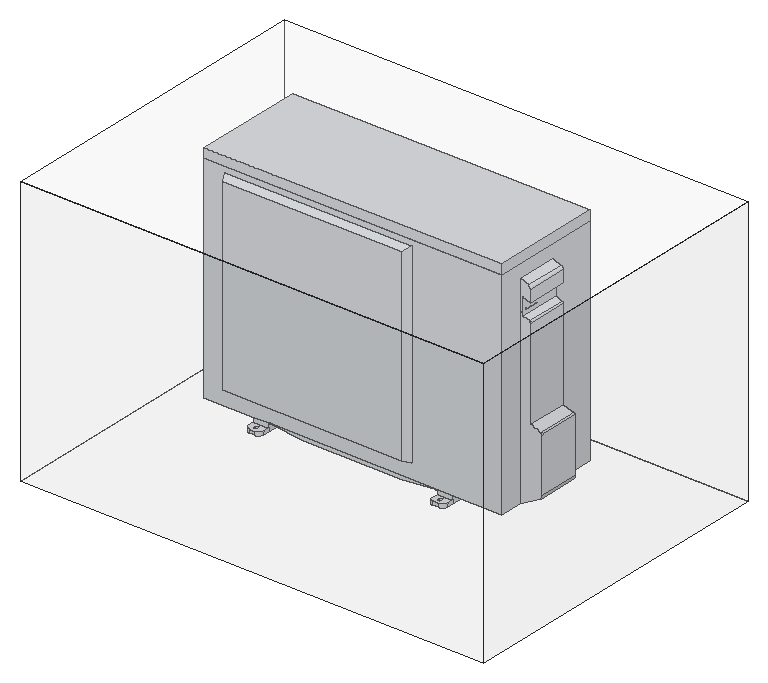
Revit family "puz-ermp40_63ska13_50hz", category 機械設備, Revit 2019
Family settings
  丸型コネクタ寸法 = 直径を使用
  パーツ タイプ = 標準
  OmniClass 番号 = 23.75.10.24.21.27.27
  OmniClass タイトル = Split System Air Conditioning Units
  作業面ベース = いいえ
  常に垂直 = はい
  ロード時にボイドで切り取り = いいえ
  共有 = いいえ
  部屋計算ポイント = いいえ
Parameters (values of type "室外機_PUZ-ERMP40KA13 (-BS,BSG)")
  音響パワーレベル（冷）(dB) = 64
  音響パワーレベル(dB) = 66
  電源種別 = ""
  電源位置Y = 61 mm
  電源位置Z = 497.7 mm
  電源位置X = 400 mm
  電圧 = 200 V
  電動機出力_送風機 = 0.04 kW
  電動機出力_圧縮機 = 0.6 kW
  集中コントローラ [instance] = ""
  運転質量 = 0.00 kg
  運転方法 = "冷暖切替"
  質量 = if(製品質量 > 運転質量, 製品質量, 運転質量) * 1.2  # 49.20 kg
  負荷分類 = 1_熱源類
  説明 = "空冷H/P PAC インバータ室外機"
  設計暖房能力 [instance] = 0 kW
  設計冷房能力_顕熱 [instance] = 0 kW
  設計冷房能力 [instance] = 0 kW
  設置方法 = "床置形"
  記号 [instance] = ""
  製造元 = "三菱電機株式会社"
  製品質量 = 41.00 kg
  製品出荷対象 = "国内"
  製品リリース年月 = ""
  製品グループ = ""
  系統 [instance] = ""
  符号 = "PAC"
  積算_科目 = "1 空気調和設備"
  積算_拾い区分 [instance] = ""
  相 = 3
  盤記号 [instance] = ""
  発停方法 = "付属スイッチ"
  特殊仕様 [instance] = ""
  消費電力_暖房 = 0 kW
  消費電力_冷房 = 0 kW
  消費電力 = if(消費電力_冷房 > 消費電力_暖房, 消費電力_冷房, 消費電力_暖房)  # 0 kW
  法定耐用年数 = "6"
  構成品番 = "PUZ-ERMP40KA13 (-BS,-BSG)"
  極数 = 3
  材質 [instance] = ""
  本体マテリアル = none
  最小電線太さ_mm2 = 1.6
  最大電流値 = 0 A
  暖房能力 = 4 kW
  推奨ブレーカー容量 = 15 A
  据付ピッチ1 = 0 mm
  形式 = "パッケージ形 室外機"
  形名 = PUZ-ZRMP-1 : PUZ-ZRMP-1
  幹線記号 [instance] = ""
  始動方式 = "インバータ始動方式"
  呼称 = "パッケージ形空気調和機_室外機"
  周波数 = 50 Hz
  価格 = 0
  ドレン　位置Z = 8.5 mm
  ドレン　位置Y = 48.5 mm
  ドレン　位置X = 404.5 mm
  アンカーボルト位置Y = 330 mm
  アンカーボルト位置X = 500 mm
  参照している仕様書等のバージョン = "公共建築物標準仕様書（機械設備工事編）平成31年度版"
  分類コード = "50053003126100"
  分類グループ = ""
  冷房能力 = 3.6 kW
  冷媒管（ガス）位置X = 420 mm
  冷媒管（液）位置X = 420 mm
  冷媒管（液）位置Y = 153.75 mm
  冷媒管（ガス）位置Y = 153.75 mm
  冷媒管長 [instance] = 0 mm
  冷媒管径符号 = "Ac"
  冷媒管径 = 60.00 mm
  冷媒管位置Z = 158.95 mm
  冷媒管位置Y = (冷媒管（液）位置Y + 冷媒管（ガス）位置Y) / 2  # 153.75 mm
  冷媒管位置X = (冷媒管（液）位置X + 冷媒管（ガス）位置X) / 2  # 420 mm
  冷媒液管径 = 6.35 mm
  冷媒ガス管径 = 12.70 mm
  企業コード = "108420"
  付属品 [instance] = ""
  仕様書バージョン = "Version1.0"
  ユニット数 = 1
  ユニット3 = yes
  ユニット2 = yes
  Model = ""
  ドレン管径 = 42.00 mm
  サービススペース = yes
  コメント [instance] = ""
  ケーブル種類1 = ""
  【値が 0 の項目は組合せ形名にてご確認ください】 = ""
  Width = 809 mm
  Version = ""
  Uniclass2015Version = "Systems v1.9"
  Uniclass2015Title = "Split coil remote air cooled condensing units"
  Uniclass2015Code = "Pr_70_65_03_84"
  URL = "https://www.mitsubishielectric.co.jp/ldg/wink/ssl/top.do"
  SpecificationReference = ""
  SpecificationDescription = ""
  Revision = ""
  ProductInformation = ""
  OmniClassCode = "23-33 17 13 11"
  IfcTypeProduct = ""
  IfcProduct = ""
  IfcExportType = "AIRCONDITIONINGUNIT"
  IfcExportAs = "IfcUnitaryEquipmentType"
  Height = 630 mm
  Depth = 300 mm
  Clearance Top = 100 mm
  Clearance Right = 350 mm
  Clearance Left = 100 mm
  Clearance Front = 500 mm
  Clearance Bottom = 0 mm
  Clearance Back = 100 mm
  COP = 0
  Author = "三菱電機株式会社"
  APF = 0
Reference planes
  plane 1 "中心(正面/背面)": y = 74
  plane 2: z = 0
  plane 3 "中心(左/右)": x = 830
  plane 4 "右": x = 1234.5
  plane 5 "左": x = 425.5
  plane 6 "背面": y = 224
  plane 7 "正面": y = -76
  plane 8 "上部": z = 630
  plane 9 "Clearanse Top": z = 730
  plane 10 "SS_back": y = 324
  plane 11 "SS_front": y = -576
  plane 12 "SS_left": x = 325.5
  plane 13 "SS_right": x = 1584.5
  plane 14: z = 0
  plane 15: y = -15
  plane 16: x = 1230
  plane 17: z = 497.7
  plane 18: y = -13
  plane 19: y = 70.25
  plane 20: x = 1250
  plane 21: y = 175.5
  plane 22: x = 830
  plane 23: z = 10.5
  plane 24: z = 8.5
  plane 25: x = 580
  plane 26: x = 1080
  plane 27: y = 239
  plane 28: y = -91
Forms (mm)
  Extrusion 1, solid, detail levels fine
    sketch origin (0, -76, 0) x (1, 0, 0) y (0, 0, 1)
      loop
        circle (1230, 497.7) r 13.5
    from -63 to -61
  Extrusion 2, solid, detail levels fine
    sketch origin (-1437.329, -1524, 54) x (-1, 0, 0) y (0, -1, 0)
      loop
        circle (-2267.329, -1699.5) r 21
    from -45.5 to -43.5
  Sweep 3, solid, material <- "本体マテリアル", detail levels fine
    path origin (1250, 1296.25, 1200) x (0, 1, 0) y (0, 0, 1)
      loop
        line (-1226, -1041.05) -> (-1272.623, -1084.565)
    profile origin (1250, 46.939, 137.193) x (0, 0.682318, -0.731055) y (1, 0, 0)
      loop
        circle (0, 0) r 30
Lines and regions (mm)
  model lines, not visible
    curve 1: line (460, 178.667, 1289.179) -> (460, 297.73, 1289.179)
    curve 2: line (460, 178.667, 1056.056) -> (460, 178.667, 1289.179)
    curve 3: line (460, 297.73, 1056.056) -> (460, 178.667, 1056.056)
    curve 4: line (460, 297.73, 1289.179) -> (460, 297.73, 1056.056)
    curve 5: line (460, 47.598, 1289.179) -> (460, 166.661, 1289.179)
    curve 6: line (460, 47.598, 1056.056) -> (460, 47.598, 1289.179)
    curve 7: line (460, 166.661, 1056.056) -> (460, 47.598, 1056.056)
    curve 8: line (460, 166.661, 1289.179) -> (460, 166.661, 1056.056)
    curve 9: line (460, -83.471, 1289.179) -> (460, 35.592, 1289.179)
    curve 10: line (460, -83.471, 1056.056) -> (460, -83.471, 1289.179)
    curve 11: line (460, 35.592, 1056.056) -> (460, -83.471, 1056.056)
    curve 12: line (460, 35.592, 1289.179) -> (460, 35.592, 1056.056)
    curve 13: line (460, -150.779, 1289.179) -> (460, -95.75, 1289.179)
    curve 14: line (460, -150.779, 1056.056) -> (460, -150.779, 1289.179)
    curve 15: line (460, -95.75, 1056.056) -> (460, -150.779, 1056.056)
    curve 16: line (460, -95.75, 1289.179) -> (460, -95.75, 1056.056)
    curve 17: line (460, -150.779, 1283.175) -> (460, -132.596, 1283.175)
    curve 18: line (460, -150.779, 1062.059) -> (460, -150.779, 1283.175)
    curve 19: line (460, -132.596, 1062.059) -> (460, -150.779, 1062.059)
    curve 20: line (460, -132.596, 1283.175) -> (460, -132.596, 1062.059)
    curve 21: line (460, 178.667, 1046.051) -> (460, 297.73, 1046.051)
    curve 22: line (460, 178.667, 812.928) -> (460, 178.667, 1046.051)
    curve 23: line (460, 297.73, 812.928) -> (460, 178.667, 812.928)
    curve 24: line (460, 297.73, 1046.051) -> (460, 297.73, 812.928)
    curve 25: line (460, 47.598, 1046.051) -> (460, 166.661, 1046.051)
    curve 26: line (460, 47.598, 812.928) -> (460, 47.598, 1046.051)
    curve 27: line (460, 166.661, 812.928) -> (460, 47.598, 812.928)
    curve 28: line (460, 166.661, 1046.051) -> (460, 166.661, 812.928)
    curve 29: line (460, -83.471, 1046.051) -> (460, 35.592, 1046.051)
    curve 30: line (460, -83.471, 812.928) -> (460, -83.471, 1046.051)
    curve 31: line (460, 35.592, 812.928) -> (460, -83.471, 812.928)
    curve 32: line (460, 35.592, 1046.051) -> (460, 35.592, 812.928)
    curve 33: line (460, -150.779, 1046.051) -> (460, -95.75, 1046.051)
    curve 34: line (460, -150.779, 812.928) -> (460, -150.779, 1046.051)
    curve 35: line (460, -95.75, 812.928) -> (460, -150.779, 812.928)
    curve 36: line (460, -95.75, 1046.051) -> (460, -95.75, 812.928)
    curve 37: line (460, -150.779, 1040.048) -> (460, -132.596, 1040.048)
    curve 38: line (460, -150.779, 818.931) -> (460, -150.779, 1040.048)
    curve 39: line (460, -132.596, 818.931) -> (460, -150.779, 818.931)
    curve 40: line (460, -132.596, 1040.048) -> (460, -132.596, 818.931)
    curve 41: line (460, 178.667, 802.923) -> (460, 297.73, 802.923)
    curve 42: line (460, 178.667, 569.8) -> (460, 178.667, 802.923)
    curve 43: line (460, 297.73, 569.8) -> (460, 178.667, 569.8)
    curve 44: line (460, 297.73, 802.923) -> (460, 297.73, 569.8)
    curve 45: line (460, 47.598, 802.923) -> (460, 166.661, 802.923)
    curve 46: line (460, 47.598, 569.8) -> (460, 47.598, 802.923)
    curve 47: line (460, 166.661, 569.8) -> (460, 47.598, 569.8)
    curve 48: line (460, 166.661, 802.923) -> (460, 166.661, 569.8)
    curve 49: line (460, -83.471, 802.923) -> (460, 35.592, 802.923)
    curve 50: line (460, -83.471, 569.8) -> (460, -83.471, 802.923)
    curve 51: line (460, 35.592, 569.8) -> (460, -83.471, 569.8)
    curve 52: line (460, 35.592, 802.923) -> (460, 35.592, 569.8)
    curve 53: line (460, -150.779, 802.923) -> (460, -95.75, 802.923)
    curve 54: line (460, -150.779, 569.8) -> (460, -150.779, 802.923)
    curve 55: line (460, -95.75, 569.8) -> (460, -150.779, 569.8)
    curve 56: line (460, -95.75, 802.923) -> (460, -95.75, 569.8)
    curve 57: line (460, -150.779, 796.92) -> (460, -132.596, 796.92)
    curve 58: line (460, -150.779, 575.803) -> (460, -150.779, 796.92)
    curve 59: line (460, -132.596, 575.803) -> (460, -150.779, 575.803)
    curve 60: line (460, -132.596, 796.92) -> (460, -132.596, 575.803)
    curve 61: line (460, 178.667, 559.795) -> (460, 297.73, 559.795)
    curve 62: line (460, 178.667, 326.672) -> (460, 178.667, 559.795)
    curve 63: line (460, 297.73, 326.672) -> (460, 178.667, 326.672)
    curve 64: line (460, 297.73, 559.795) -> (460, 297.73, 326.672)
    curve 65: line (460, 47.598, 559.795) -> (460, 166.661, 559.795)
    curve 66: line (460, 47.598, 326.672) -> (460, 47.598, 559.795)
    curve 67: line (460, 166.661, 326.672) -> (460, 47.598, 326.672)
    curve 68: line (460, 166.661, 559.795) -> (460, 166.661, 326.672)
    curve 69: line (460, -83.471, 559.795) -> (460, 35.592, 559.795)
    curve 70: line (460, -83.471, 326.672) -> (460, -83.471, 559.795)
    curve 71: line (460, 35.592, 326.672) -> (460, -83.471, 326.672)
    curve 72: line (460, 35.592, 559.795) -> (460, 35.592, 326.672)
    curve 73: line (460, -150.779, 559.795) -> (460, -95.75, 559.795)
    curve 74: line (460, -150.779, 326.672) -> (460, -150.779, 559.795)
    curve 75: line (460, -95.75, 326.672) -> (460, -150.779, 326.672)
    curve 76: line (460, -95.75, 559.795) -> (460, -95.75, 326.672)
    curve 77: line (460, -150.779, 553.792) -> (460, -132.596, 553.792)
    curve 78: line (460, -150.779, 332.675) -> (460, -150.779, 553.792)
    curve 79: line (460, -132.596, 332.675) -> (460, -150.779, 332.675)
    curve 80: line (460, -132.596, 553.792) -> (460, -132.596, 332.675)
    curve 81: line (460, 178.667, 316.667) -> (460, 297.73, 316.667)
    curve 82: line (460, 178.667, 83.544) -> (460, 178.667, 316.667)
    curve 83: line (460, 297.73, 83.544) -> (460, 178.667, 83.544)
    curve 84: line (460, 297.73, 316.667) -> (460, 297.73, 83.544)
    curve 85: line (460, 47.598, 316.667) -> (460, 166.661, 316.667)
    curve 86: line (460, 47.598, 83.544) -> (460, 47.598, 316.667)
    curve 87: line (460, 166.661, 83.544) -> (460, 47.598, 83.544)
    curve 88: line (460, 166.661, 316.667) -> (460, 166.661, 83.544)
    curve 89: line (460, -83.471, 316.667) -> (460, 35.592, 316.667)
    curve 90: line (460, -83.471, 83.544) -> (460, -83.471, 316.667)
    curve 91: line (460, 35.592, 83.544) -> (460, -83.471, 83.544)
    curve 92: line (460, 35.592, 316.667) -> (460, 35.592, 83.544)
    curve 93: line (460, -150.779, 316.667) -> (460, -95.75, 316.667)
    curve 94: line (460, -150.779, 83.544) -> (460, -150.779, 316.667)
    curve 95: line (460, -95.75, 83.544) -> (460, -150.779, 83.544)
    curve 96: line (460, -95.75, 316.667) -> (460, -95.75, 83.544)
    curve 97: line (460, -150.779, 310.664) -> (460, -132.596, 310.664)
    curve 98: line (460, -150.779, 89.547) -> (460, -150.779, 310.664)
    curve 99: line (460, -132.596, 89.547) -> (460, -150.779, 89.547)
    curve 100: line (460, -132.596, 310.664) -> (460, -132.596, 89.547)
Dimensions and locks
  equal spacing: plane 7 "正面", plane 1 "中心(正面/背面)", plane 6 "背面"
  "Depth": plane 7 "正面" to plane 6 "背面"
  "Width": plane 5 "左" to plane 4 "右"
  equal spacing: plane 5 "左", plane 3 "中心(左/右)", plane 4 "右"
  "Clearance Left": plane 12 "SS_left" to plane 5 "左"
  "Clearance Right": plane 4 "右" to plane 13 "SS_right"
  "Clearance Back": plane 6 "背面" to plane 10 "SS_back"
  "Clearance Front": plane 11 "SS_front" to plane 7 "正面"
  "Height": plane 8 "上部" to level
  "Clearance Top": plane 9 "Clearanse Top" to plane 8 "上部"
  "Clearance Bottom": level to plane 14
  "電源位置X": plane 3 "中心(左/右)" to plane 16
  "電源位置Y": plane 7 "正面" to plane 15
  "電源位置Z": plane 17 to level
  locked: plane 15 to plane 18 at 2
  "冷媒管位置X": plane 3 "中心(左/右)" to plane 20
  "冷媒管位置Y": plane 19 to plane 6 "背面"
  "ドレン　位置X": plane 5 "左" to plane 22
  "ドレン　位置Y": plane 21 to plane 6 "背面"
  locked: plane 23 to plane 24 at 2
  "ドレン　位置Z": plane 24 to level
  equal spacing: plane 28, plane 1 "中心(正面/背面)", plane 27
  "アンカーボルト位置Y": plane 28 to plane 27
  equal spacing: plane 25, plane 3 "中心(左/右)", plane 26
  "アンカーボルト位置X": plane 25 to plane 26
  radius of Extrusion 1 sketch curve = 13.5 mm
  "ドレン管径": diameter of Extrusion 2 sketch curve
  "冷媒管径": diameter of Sweep 3 sketch curve
  aligned and locked: level to plane 2
  aligned and locked: plane 10 "SS_back" to nested 1  (x2)
  aligned and locked: plane 13 "SS_right" to nested 1
  aligned and locked: plane 12 "SS_left" to nested 1  (x2)
  aligned and locked: nested 1 to plane 13 "SS_right"
  aligned and locked: plane 11 "SS_front" to nested 1
  aligned and locked: plane 9 "Clearanse Top" to nested 1
  aligned and locked: plane 1 "中心(正面/背面)" to nested 2
  aligned and locked: plane 3 "中心(左/右)" to nested 2
  aligned and locked: plane 14 to nested 1
  aligned and locked: plane 17 to Extrusion 1 sketch curve
  aligned and locked: plane 16 to Extrusion 1 sketch curve
  aligned and locked: Extrusion 1 to plane 18
  aligned and locked: plane 15 to Extrusion 1
  aligned and locked: plane 22 to Extrusion 2 sketch curve
  aligned and locked: plane 21 to Extrusion 2 sketch curve
  aligned and locked: plane 23 to Extrusion 2
  aligned and locked: Extrusion 2 to plane 24
  aligned and locked: plane 25 to nested 3
  aligned and locked: plane 27 to nested 3
Automatic sketch dimensions
  Sweep 3 sketch curve to plane 18 = 36.627 mm
  plane 1 "中心(正面/背面)" to Sweep 3 sketch curve = 3.75 mm
  plane 23 to Sweep 3 sketch curve = 104.935 mm
  Sweep 3 sketch curve to Sweep 3 sketch curve = 43.515 mm
  Sweep 3 sketch curve to plane 20 = 0 mm
  Sweep 3 sketch curve to profile plane = 0 mm
Nested families
  nested 1: "サービススペース" at (955, -126, 365), visible <- "サービススペース", type "サービススペース"
    with Width 1259 mm, Height 730 mm, Depth 900 mm
  nested 2: "PUZ-ZRMP-1" at (830, 74, 0), type <- "形名", type "PUZ-ZRMP-1"
  nested 3: "固定点" at (580, -91, 0), type "固定点"
    with 中心円 10 mm, W 500 mm, D 330 mm
Connectors
  electrical at (1230, -15, 497.7), driven by "極数", driven by "負荷分類", driven by "電圧", driven by "消費電力"
    settings: on Extrusion 1, index 2, voltage 200 V, apparent load 0 VA, apparent load phase1 0 VA, apparent load phase2 0 VA, apparent load phase3 0 VA, power factor 1, load classification "1_熱源類", number of poles 3, system type 30, power factor state 1, is connector primary yes, connector utility no, sub classification motor no, connector description ""
  piping at (1250, 70.25, 158.95), diameter 60, driven by "冷媒管径", driven by "冷媒管径符号"
    settings: on Sweep 3, index 3, connector inside diameter 609.60 mm, connector length 0 mm, flow factor 0, pipe flow 0.0 L/s, pressure drop 0.0 Pa, fitting loss kfactor 0, connector angle 0.00°, fixture units 0, engagement length 0 mm, angle of deflection 0.00°, flow configuration 1, flow direction 2, fitting loss method 4, system type 7, joint type 0, gender type 0, connector reference index -1, connector utility 0, adjustable connector no, is connector primary yes, connector description "Ac"
Definition of nested family "サービススペース"
  Parameters (values of type "サービススペース")
    Width [instance] = 500 mm
    Height [instance] = 500 mm
    Depth [instance] = 500 mm
  Reference planes
    plane 1 "中心(正面/背面)": y = 0
    plane 2: z = 0
    plane 3 "中心(左/右)": x = 0
    plane 4: y = -250
    plane 5: x = 250
    plane 6: y = 250
    plane 7: x = -250
    plane 8: z = 250
    plane 9: z = -250
  Forms (mm)
    Extrusion 1, solid
      sketch origin (-638.939, 0, 72.39) x (1, 0, 0) y (0, 1, 0)
        loop
          line (388.939, 250) -> (388.939, -250) -> (888.939, -250) -> (888.939, 250) -> (388.939, 250)
      from -322.39 to 177.61
  Lines and regions (mm)
    symbolic lines
      curve 1: line (-250, 0, 250) -> (250, 0, 250)
      curve 2: line (-250, 0, -250) -> (-250, 0, 250)
      curve 3: line (250, 0, -250) -> (-250, 0, -250)
      curve 4: line (250, 0, 250) -> (250, 0, -250)
      curve 5: line (0, -250, 250) -> (0, 250, 250)
      curve 6: line (0, -250, -250) -> (0, -250, 250)
      curve 7: line (0, 250, -250) -> (0, -250, -250)
      curve 8: line (0, 250, 250) -> (0, 250, -250)
      curve 9: line (-250, 250, 0) -> (250, 250, 0)
      curve 10: line (-250, -250, 0) -> (-250, 250, 0)
      curve 11: line (250, -250, 0) -> (-250, -250, 0)
      curve 12: line (250, 250, 0) -> (250, -250, 0)
  Dimensions and locks
    equal spacing: plane 7, plane 3 "中心(左/右)", plane 5
    equal spacing: plane 4, plane 1 "中心(正面/背面)", plane 6
    "Depth": plane 4 to plane 6
    "Width": plane 7 to plane 5
    equal spacing: plane 8, plane 2, plane 9
    "Height": plane 8 to plane 9
    aligned and locked: plane 9 to curve 3
    aligned and locked: plane 7 to curve 2
    aligned and locked: curve 4 to plane 5
    aligned and locked: plane 5 to Extrusion 1
    aligned and locked: Extrusion 1 to plane 7
    aligned and locked: Extrusion 1 to plane 9
    aligned and locked: plane 8 to Extrusion 1
    aligned and locked: plane 9 to curve 7
  Automatic sketch dimensions
    plane 4 to Extrusion 1 sketch curve = 0 mm
    Extrusion 1 sketch curve to plane 7 = 0 mm
    Extrusion 1 sketch curve to plane 5 = 0 mm
    plane 6 to Extrusion 1 sketch curve = 0 mm
    curve 2 to plane 8 = 0 mm
    plane 4 to curve 11 = 0 mm
    curve 11 to plane 7 = 0 mm
    curve 11 to plane 5 = 0 mm
    plane 6 to curve 10 = 0 mm
    curve 7 to plane 4 = 0 mm
    curve 7 to plane 6 = 0 mm
    curve 6 to plane 8 = 0 mm
Definition of nested family "PUZ-ZRMP-1"
  Parameters (values of type "PUZ-ZRMP-1")
    配線取出口サイズ = 27 mm
    配線取出口-Z = 497.7 mm
    配線取出口-Y = 239 mm
    配線取出口-X = 400 mm
    液配管サイズ = 50 mm
    高さ = 630 mm
    換気-W = 310 mm
    換気-H2 = 632 mm
    換気-H1 = 325 mm
    換気-D = 20 mm
    奥行き = 300 mm
    吊りボルト_H = 0 mm
    吊りボルト-φ = 10 mm
    冷媒配管サイズ = 6.35 mm
    冷媒液管径-Z = 164.5 mm
    冷媒液管径-Y = 185.5 mm
    冷媒液管径-X = 420 mm
    冷媒ガス管径-Z = 99.5 mm
    冷媒ガス管径-Y = 185.5 mm
    冷媒ガス管径-X = 420 mm
    吊りボルト-W = 500 mm
    マテリアル = none
    ドレン配管サイズ = 42 mm
    ドレン管径-Z = 0 mm
    ドレン管径-Y = 251.5 mm
    ドレン管径-X = 404.5 mm
    タイプ3 = no
    タイプ2 = no
    タイプ1 = yes
    ガス配管サイズ = 12.7 mm
    吊りボルト-D = 330 mm
    幅さ = 809 mm
    a = 600 mm
  Reference planes
    plane 1 "中心(正面/背面)": y = 0
    plane 2: z = 0
    plane 3 "中心(左/右)": x = 0
    plane 4: z = 630
    plane 5: x = -404.5
    plane 6: x = 404.5
    plane 7: y = 150
    plane 8: y = -150
    plane 9: x = 466.5
    plane 10: y = -90
    plane 11: y = 20
    plane 12: z = 605
    plane 13: x = -424.5
    plane 14: x = -250
    plane 15: x = 250
    plane 16: y = 165
    plane 17: y = -165
    plane 18: x = 270
    plane 19: x = 230
    plane 20: x = -230
    plane 21: x = -270
    plane 22: y = 180
    plane 23: y = -180
    plane 24: z = 8.5
    plane 25: z = 20
    plane 26: z = 11.5
    plane 27: x = -135
    plane 28: x = 135
    plane 29: z = 625
    plane 30: y = -40
    plane 31: y = 40
    plane 32: y = -30
    plane 33: y = 30
    plane 34: z = 610
    plane 35: z = 55
    plane 36: z = 225
    plane 37: z = 570
    plane 38: x = 414.5
    plane 39: x = 435.5
    plane 40: y = -170
    plane 41: x = -94.5
    plane 42: z = 325
    plane 43: x = 159.5
    plane 44: x = -348.5
    plane 45: z = 589
    plane 46: z = 61
    plane 47: x = -338.5
    plane 48: x = 149.5
    plane 49: z = 579
    plane 50: z = 71
    plane 51: y = 100
    plane 52: y = -100
    plane 53: x = 0
    plane 54: y = 101.5
    plane 55: x = 420
    plane 56: x = 400
    plane 57: y = -89
    plane 58: y = -35.5
    plane 59: y = -35.5
    plane 60: x = 420
    plane 61: z = 99.5
    plane 62: z = 164.5
    plane 63: z = 497.7
    plane 64: y = -39
    plane 65: z = 137.3
    plane 66: z = 180.6
    plane 67: x = 420
    plane 68: y = -35.5
    plane 69 "グループ": x = -600
    plane 70: z = 1338
    plane 71: z = 943
    plane 72: z = 957
    plane 73: z = 1221
    plane 74: z = 693
    plane 75: z = 1211
    plane 76: z = 703
    plane 77: y = -12.5
    plane 78: y = 5
    plane 79: y = -3.75
  Forms (mm)
    Extrusion 1, solid, visible <- "タイプ1", detail levels fine
      sketch origin (-1437.329, -1524, 630) x (-1, 0, 0) y (0, -1, 0)
        loop
          line (-1167.329, -1674) -> (-1167.329, -1374) -> (-1207.329, -1374) -> (-1207.329, -1674) -> (-1167.329, -1674)
        loop
          line (-1667.329, -1674) -> (-1667.329, -1374) -> (-1707.329, -1374) -> (-1707.329, -1674) -> (-1667.329, -1674)
      from -630 to -610
    Extrusion 2, solid, material <- "マテリアル", visible <- "タイプ1", detail levels fine
      sketch origin (0, 0, 0) x (1, 0, 0) y (0, 0, 1)
        loop
          line (-230, 20) -> (-135, 11.5) -> (135, 11.5) -> (230, 20) -> (-230, 20)
      from -150 to 150
    Extrusion 3, solid, material <- "マテリアル", visible <- "タイプ1", detail levels fine
      sketch origin (-1437.329, -1524, 630) x (-1, 0, 0) y (0, -1, 0)
        loop
          circle (-1437.329, -1625.5) r 21
      from -621.5 to -618.5
    Extrusion 4, solid, material <- "マテリアル", visible <- "タイプ1", detail levels fine
      sketch origin (-1437.329, -1524, 630) x (-1, 0, 0) y (0, -1, 0)
        loop
          line (-1841.829, -1674) -> (-1032.829, -1674) -> (-1032.829, -1374) -> (-1841.829, -1374) -> (-1841.829, -1674)
      from -610 to -25
    Extrusion 5, solid, material <- "マテリアル", visible <- "タイプ1", detail levels fine
      sketch origin (-1437.329, -1524, 630) x (-1, 0, 0) y (0, -1, 0)
        loop
          line (-1032.829, -1674) -> (-1032.829, -1374) -> (-1841.829, -1374) -> (-1841.829, -1674) -> (-1032.829, -1674)
      from -25 to 0
    Blend 6, solid, material <- "マテリアル", visible <- "タイプ1", detail levels fine
      base sketch origin (0, 0, 0) x (0, 1, 0) y (0, 0, 1)
        loop
          line (40, 625) -> (-40, 625) -> (-40, 605) -> (40, 605) -> (40, 625)
      top sketch origin (0, 0, 0) x (0, 1, 0) y (0, 0, 1)
        loop
          line (30, 610) -> (-30, 610) -> (-30, 605) -> (30, 605) -> (30, 610)
      from -404.5 to -424.5
    Extrusion 7, solid, material <- "マテリアル", visible <- "タイプ1", detail levels fine
      sketch origin (0, 0, 0) x (1, 0, 0) y (0, 0, 1)
        loop
          line (404.5, 570) -> (404.5, 20) -> (461.416, 52.13)
          arc (461.416, 52.13) -> (465.136, 55.796) -> (466.5, 60.838) r 10
          line (466.5, 60.838) -> (466.5, 210.216)
          arc (466.5, 210.216) -> (465.596, 213.084) -> (463.21, 214.914) r 5
          line (463.21, 214.914) -> (435.5, 225) -> (435.5, 470.082)
          arc (435.5, 470.082) -> (434.596, 472.95) -> (432.21, 474.78) r 5
          line (432.21, 474.78) -> (414.5, 481.226) -> (414.5, 529.114) -> (435.5, 521.471) -> (435.5, 551.715)
          arc (435.5, 551.715) -> (433.692, 557.451) -> (428.92, 561.112) r 10
          line (428.92, 561.112) -> (404.5, 570)
      from -20 to 90
    Blend 8, solid, material <- "マテリアル", visible <- "タイプ1", detail levels fine
      base sketch origin (0, 0, 0) x (1, 0, 0) y (0, 0, 1)
        loop
          line (-348.5, 589) -> (-348.5, 61) -> (159.5, 61) -> (159.5, 589) -> (-348.5, 589)
      top sketch origin (0, 0, 0) x (1, 0, 0) y (0, 0, 1)
        loop
          line (-338.5, 579) -> (-338.5, 71) -> (149.5, 71) -> (149.5, 579) -> (-338.5, 579)
      from 150 to 170
    Extrusion 9, solid, material <- "マテリアル", visible <- "タイプ1", detail levels fine
      sketch origin (1480.036, -170, 1200) x (1, 0, 0) y (0, 0, 1)
        loop
          circle (-1080.036, -702.3) r 13.5
      from -131 to -81
    Extrusion 10, solid, visible <- "タイプ1", detail levels fine
      sketch origin (-1437.329, -1524, 630) x (-1, 0, 0) y (0, -1, 0)
        loop
          line (-1167.329, -1704) -> (-1167.329, -1674) -> (-1207.329, -1674) -> (-1207.329, -1704) -> (-1192.329, -1704) -> (-1192.329, -1689)
          arc (-1192.329, -1689) -> (-1187.329, -1684) -> (-1182.329, -1689) r 5
          line (-1182.329, -1689) -> (-1182.329, -1704) -> (-1167.329, -1704)
        loop
          line (-1667.329, -1704) -> (-1667.329, -1674) -> (-1707.329, -1674) -> (-1707.329, -1704) -> (-1692.329, -1704) -> (-1692.329, -1689)
          arc (-1692.329, -1689) -> (-1687.329, -1684) -> (-1682.329, -1689) r 5
          line (-1682.329, -1689) -> (-1682.329, -1704) -> (-1667.329, -1704)
        loop
          line (-1667.329, -1374) -> (-1667.329, -1354)
          arc (-1667.329, -1354) -> (-1670.258, -1346.929) -> (-1677.329, -1344) r 10
          line (-1677.329, -1344) -> (-1694.129, -1344)
          arc (-1694.129, -1344) -> (-1703.463, -1347.866) -> (-1707.329, -1357.2) r 13.2
          line (-1707.329, -1357.2) -> (-1707.329, -1374) -> (-1667.329, -1374)
        loop
          line (-1167.329, -1374) -> (-1167.329, -1357.2)
          arc (-1167.329, -1357.2) -> (-1171.196, -1347.866) -> (-1180.529, -1344) r 13.2
          line (-1180.529, -1344) -> (-1194.129, -1344)
          arc (-1194.129, -1344) -> (-1203.463, -1347.866) -> (-1207.329, -1357.2) r 13.2
          line (-1207.329, -1357.2) -> (-1207.329, -1374) -> (-1167.329, -1374)
        loop
          arc (-1192.329, -1359) -> (-1187.329, -1364) -> (-1182.329, -1359) r 5
          line (-1182.329, -1359) -> (-1182.329, -1357.2)
          arc (-1182.329, -1357.2) -> (-1187.329, -1352.2) -> (-1192.329, -1357.2) r 5
          line (-1192.329, -1357.2) -> (-1192.329, -1359)
        loop
          arc (-1692.329, -1359) -> (-1687.329, -1364) -> (-1682.329, -1359) r 5
          line (-1682.329, -1359) -> (-1682.329, -1357.2)
          arc (-1682.329, -1357.2) -> (-1687.329, -1352.2) -> (-1692.329, -1357.2) r 5
          line (-1692.329, -1357.2) -> (-1692.329, -1359)
      from -621.5 to -630
    Sweep 11, solid, material <- "マテリアル", visible <- "タイプ1", detail levels fine
      path origin (420, 1296.25, 1200) x (0, 1, 0) y (0, 0, 1)
        loop
          line (-1331.75, -1035.5) -> (-1308.75, -1019.4)
      profile origin (420, -24, 172.55) x (0, -0.573462, 0.819232) y (1, 0, 0)
        loop
          circle (0, 0) r 3.175
    Sweep 12, solid, material <- "マテリアル", visible <- "タイプ1", detail levels fine
      path origin (420, 1296.25, 1200) x (0, 1, 0) y (0, 0, 1)
        loop
          line (-1331.75, -1100.5) -> (-1291.25, -1062.7)
      profile origin (420, -15.25, 118.4) x (0, -0.682318, 0.731055) y (1, 0, 0)
        loop
          circle (0, 0) r 6.35
  Lines and regions (mm)
    Masking region 1, visible <- "タイプ1", detail levels coarse+medium
      outline origin (-1437.329, -1524, 630) x (-1, 0, 0) y (0, -1, 0)
        loop
          line (-1841.829, -1674) -> (-1707.329, -1674) -> (-1707.329, -1704) -> (-1667.329, -1704) -> (-1667.329, -1674) -> (-1207.329, -1674) -> (-1207.329, -1704) -> (-1167.329, -1704) -> (-1167.329, -1674) -> (-1032.829, -1674) -> (-1032.829, -1564) -> (-1012.829, -1554) -> (-1012.829, -1494) -> (-1032.829, -1484) -> (-1032.829, -1374) -> (-1088.829, -1374) -> (-1098.829, -1354) -> (-1164.523, -1354)
          arc (-1164.523, -1354) -> (-1169.205, -1346.796) -> (-1177.329, -1344) r 13.2
          line (-1177.329, -1344) -> (-1193.997, -1344)
          arc (-1193.997, -1344) -> (-1202.121, -1346.796) -> (-1206.804, -1354) r 13.2
          line (-1206.804, -1354) -> (-1586.829, -1354) -> (-1596.829, -1374) -> (-1667.329, -1374) -> (-1667.329, -1354)
          arc (-1667.329, -1354) -> (-1670.258, -1346.929) -> (-1677.329, -1344) r 10
          line (-1677.329, -1344) -> (-1694.129, -1344)
          arc (-1694.129, -1344) -> (-1703.463, -1347.866) -> (-1707.329, -1357.2) r 13.2
          line (-1707.329, -1357.2) -> (-1707.329, -1374) -> (-1841.829, -1374) -> (-1841.829, -1434) -> (-1903.829, -1434) -> (-1903.829, -1544) -> (-1841.829, -1544) -> (-1841.829, -1674)
    model lines, visible <- "タイプ1", detail levels fine
      curve 1: line (324.5, 100, 630) -> (-324.5, 100, 630)
      curve 2: line (-324.5, -100, 630) -> (324.5, -100, 630)
      curve 3: line (-324.5, -40, 630) -> (324.5, -40, 630)
      curve 4: line (324.5, 40, 630) -> (-324.5, 40, 630)
      curve 5: line (-324.5, -30, 630) -> (324.5, -30, 630)
      curve 6: line (324.5, 30, 630) -> (-324.5, 30, 630)
      curve 7: line (-324.5, 100, 630) -> (-324.5, 40, 630)
      curve 8: line (324.5, -100, 630) -> (324.5, -40, 630)
      curve 9: line (-324.5, 30, 630) -> (-324.5, -30, 630)
      curve 10: line (-324.5, -40, 630) -> (-324.5, -100, 630)
      curve 11: line (324.5, -30, 630) -> (324.5, 30, 630)
      curve 12: line (324.5, 40, 630) -> (324.5, 100, 630)
      curve 13: line (354.5, -100, 630) -> (354.5, 100, 630)
      curve 14: line (339.5, -100, 630) -> (339.5, 100, 630)
      curve 15: line (-354.5, 100, 630) -> (-354.5, -100, 630)
      curve 16: line (-339.5, 100, 630) -> (-339.5, -100, 630)
      curve 17: line (-339.5, 100, 630) -> (-354.5, 100, 630)
      curve 18: line (-339.5, -100, 630) -> (-354.5, -100, 630)
      curve 19: line (339.5, 100, 630) -> (354.5, 100, 630)
      curve 20: line (339.5, -100, 630) -> (354.5, -100, 630)
      curve 21: line (-338.5, -170, 372.5) -> (149.5, -170, 372.5)
      curve 22: line (149.5, -170, 277.5) -> (-338.5, -170, 277.5)
      curve 23: line (-338.5, -170, 467.5) -> (149.5, -170, 467.5)
      curve 24: line (-338.5, -170, 562.5) -> (149.5, -170, 562.5)
      curve 25: line (149.5, -170, 182.5) -> (-338.5, -170, 182.5)
      curve 26: line (149.5, -170, 87.5) -> (-338.5, -170, 87.5)
      curve 27: line (-321.071, -170, 579) -> (-321.071, -170, 71)
      curve 28: line (132.071, -170, 71) -> (132.071, -170, 579)
      curve 29: line (-303.643, -170, 579) -> (-303.643, -170, 71)
      curve 30: line (-286.214, -170, 579) -> (-286.214, -170, 71)
      curve 31: line (-268.786, -170, 579) -> (-268.786, -170, 71)
      curve 32: line (-251.357, -170, 579) -> (-251.357, -170, 71)
      curve 33: line (-233.929, -170, 579) -> (-233.929, -170, 71)
      curve 34: line (-216.5, -170, 579) -> (-216.5, -170, 71)
      curve 35: line (-199.071, -170, 579) -> (-199.071, -170, 71)
      curve 36: line (-181.643, -170, 579) -> (-181.643, -170, 71)
      curve 37: line (-164.214, -170, 579) -> (-164.214, -170, 71)
      curve 38: line (-146.786, -170, 579) -> (-146.786, -170, 71)
      curve 39: line (-129.357, -170, 579) -> (-129.357, -170, 71)
      curve 40: line (-111.929, -170, 579) -> (-111.929, -170, 71)
      curve 41: line (-94.5, -170, 579) -> (-94.5, -170, 71)
      curve 42: line (-77.071, -170, 579) -> (-77.071, -170, 71)
      curve 43: line (-59.643, -170, 579) -> (-59.643, -170, 71)
      curve 44: line (-42.214, -170, 579) -> (-42.214, -170, 71)
      curve 45: line (-24.786, -170, 579) -> (-24.786, -170, 71)
      curve 46: line (-7.357, -170, 579) -> (-7.357, -170, 71)
      curve 47: line (10.071, -170, 579) -> (10.071, -170, 71)
      curve 48: line (27.5, -170, 579) -> (27.5, -170, 71)
      curve 49: line (44.929, -170, 579) -> (44.929, -170, 71)
      curve 50: line (62.357, -170, 579) -> (62.357, -170, 71)
      curve 51: line (79.786, -170, 579) -> (79.786, -170, 71)
      curve 52: line (97.214, -170, 579) -> (97.214, -170, 71)
      curve 53: line (114.643, -170, 579) -> (114.643, -170, 71)
      curve 54: line (-404.5, -10, 574) -> (-404.5, -10, 584)
      curve 55: line (-404.5, -100, 584) -> (-404.5, -100, 574)
      curve 56: line (-404.5, 100, 584) -> (-404.5, 100, 574)
      curve 57: line (-404.5, 10, 584) -> (-404.5, 10, 574)
      curve 58: line (-404.5, 95, 589) -> (-404.5, 15, 589)
      curve 59: line (-404.5, -15, 589) -> (-404.5, -95, 589)
      curve 60: line (-404.5, -15, 569) -> (-404.5, -95, 569)
      curve 61: line (-404.5, 95, 569) -> (-404.5, 15, 569)
      curve 62: arc (-404.5, 100, 584) -> (-404.5, 98.536, 587.536) -> (-404.5, 95, 589) r 5
      curve 63: arc (-404.5, 95, 569) -> (-404.5, 98.536, 570.464) -> (-404.5, 100, 574) r 5
      curve 64: arc (-404.5, 10, 584) -> (-404.5, 11.464, 587.536) -> (-404.5, 15, 589) r 5
      curve 65: arc (-404.5, 10, 574) -> (-404.5, 11.464, 570.464) -> (-404.5, 15, 569) r 5
      curve 66: arc (-404.5, -10, 584) -> (-404.5, -11.464, 587.536) -> (-404.5, -15, 589) r 5
      curve 67: arc (-404.5, -15, 569) -> (-404.5, -11.464, 570.464) -> (-404.5, -10, 574) r 5
      curve 68: arc (-404.5, -95, 589) -> (-404.5, -98.536, 587.536) -> (-404.5, -100, 584) r 5
      curve 69: arc (-404.5, -100, 574) -> (-404.5, -98.536, 570.464) -> (-404.5, -95, 569) r 5
      curve 70: line (-404.5, -10, 544) -> (-404.5, -10, 554)
      curve 71: line (-404.5, -100, 554) -> (-404.5, -100, 544)
      curve 72: line (-404.5, 100, 554) -> (-404.5, 100, 544)
      curve 73: line (-404.5, 10, 554) -> (-404.5, 10, 544)
      curve 74: line (-404.5, 95, 559) -> (-404.5, 15, 559)
      curve 75: line (-404.5, -15, 559) -> (-404.5, -95, 559)
      curve 76: line (-404.5, -15, 539) -> (-404.5, -95, 539)
      curve 77: line (-404.5, 95, 539) -> (-404.5, 15, 539)
      curve 78: arc (-404.5, 100, 554) -> (-404.5, 98.536, 557.536) -> (-404.5, 95, 559) r 5
      curve 79: arc (-404.5, 95, 539) -> (-404.5, 98.536, 540.464) -> (-404.5, 100, 544) r 5
      curve 80: arc (-404.5, 10, 554) -> (-404.5, 11.464, 557.536) -> (-404.5, 15, 559) r 5
      curve 81: arc (-404.5, 10, 544) -> (-404.5, 11.464, 540.464) -> (-404.5, 15, 539) r 5
      curve 82: arc (-404.5, -10, 554) -> (-404.5, -11.464, 557.536) -> (-404.5, -15, 559) r 5
      curve 83: arc (-404.5, -15, 539) -> (-404.5, -11.464, 540.464) -> (-404.5, -10, 544) r 5
      curve 84: arc (-404.5, -95, 559) -> (-404.5, -98.536, 557.536) -> (-404.5, -100, 554) r 5
      curve 85: arc (-404.5, -100, 544) -> (-404.5, -98.536, 540.464) -> (-404.5, -95, 539) r 5
      curve 86: line (-404.5, -10, 514) -> (-404.5, -10, 524)
      curve 87: line (-404.5, -100, 524) -> (-404.5, -100, 514)
      curve 88: line (-404.5, 100, 524) -> (-404.5, 100, 514)
      curve 89: line (-404.5, 10, 524) -> (-404.5, 10, 514)
      curve 90: line (-404.5, 95, 529) -> (-404.5, 15, 529)
      curve 91: line (-404.5, -15, 529) -> (-404.5, -95, 529)
      curve 92: line (-404.5, -15, 509) -> (-404.5, -95, 509)
      curve 93: line (-404.5, 95, 509) -> (-404.5, 15, 509)
      curve 94: arc (-404.5, 100, 524) -> (-404.5, 98.536, 527.536) -> (-404.5, 95, 529) r 5
      curve 95: arc (-404.5, 95, 509) -> (-404.5, 98.536, 510.464) -> (-404.5, 100, 514) r 5
      curve 96: arc (-404.5, 10, 524) -> (-404.5, 11.464, 527.536) -> (-404.5, 15, 529) r 5
      curve 97: arc (-404.5, 10, 514) -> (-404.5, 11.464, 510.464) -> (-404.5, 15, 509) r 5
      curve 98: arc (-404.5, -10, 524) -> (-404.5, -11.464, 527.536) -> (-404.5, -15, 529) r 5
      curve 99: arc (-404.5, -15, 509) -> (-404.5, -11.464, 510.464) -> (-404.5, -10, 514) r 5
      curve 100: arc (-404.5, -95, 529) -> (-404.5, -98.536, 527.536) -> (-404.5, -100, 524) r 5
      curve 101: arc (-404.5, -100, 514) -> (-404.5, -98.536, 510.464) -> (-404.5, -95, 509) r 5
      curve 102: line (-404.5, -10, 484) -> (-404.5, -10, 494)
      curve 103: line (-404.5, -100, 494) -> (-404.5, -100, 484)
      curve 104: line (-404.5, 100, 494) -> (-404.5, 100, 484)
      curve 105: line (-404.5, 10, 494) -> (-404.5, 10, 484)
      curve 106: line (-404.5, 95, 499) -> (-404.5, 15, 499)
      curve 107: line (-404.5, -15, 499) -> (-404.5, -95, 499)
      curve 108: line (-404.5, -15, 479) -> (-404.5, -95, 479)
      curve 109: line (-404.5, 95, 479) -> (-404.5, 15, 479)
      curve 110: arc (-404.5, 100, 494) -> (-404.5, 98.536, 497.536) -> (-404.5, 95, 499) r 5
      curve 111: arc (-404.5, 95, 479) -> (-404.5, 98.536, 480.464) -> (-404.5, 100, 484) r 5
      curve 112: arc (-404.5, 10, 494) -> (-404.5, 11.464, 497.536) -> (-404.5, 15, 499) r 5
      curve 113: arc (-404.5, 10, 484) -> (-404.5, 11.464, 480.464) -> (-404.5, 15, 479) r 5
      curve 114: arc (-404.5, -10, 494) -> (-404.5, -11.464, 497.536) -> (-404.5, -15, 499) r 5
      curve 115: arc (-404.5, -15, 479) -> (-404.5, -11.464, 480.464) -> (-404.5, -10, 484) r 5
      curve 116: arc (-404.5, -95, 499) -> (-404.5, -98.536, 497.536) -> (-404.5, -100, 494) r 5
      curve 117: arc (-404.5, -100, 484) -> (-404.5, -98.536, 480.464) -> (-404.5, -95, 479) r 5
      curve 118: line (-404.5, -10, 454) -> (-404.5, -10, 464)
      curve 119: line (-404.5, -100, 464) -> (-404.5, -100, 454)
      curve 120: line (-404.5, 100, 464) -> (-404.5, 100, 454)
      curve 121: line (-404.5, 10, 464) -> (-404.5, 10, 454)
      curve 122: line (-404.5, 95, 469) -> (-404.5, 15, 469)
      curve 123: line (-404.5, -15, 469) -> (-404.5, -95, 469)
      curve 124: line (-404.5, -15, 449) -> (-404.5, -95, 449)
      curve 125: line (-404.5, 95, 449) -> (-404.5, 15, 449)
      curve 126: arc (-404.5, 100, 464) -> (-404.5, 98.536, 467.536) -> (-404.5, 95, 469) r 5
      curve 127: arc (-404.5, 95, 449) -> (-404.5, 98.536, 450.464) -> (-404.5, 100, 454) r 5
      curve 128: arc (-404.5, 10, 464) -> (-404.5, 11.464, 467.536) -> (-404.5, 15, 469) r 5
      curve 129: arc (-404.5, 10, 454) -> (-404.5, 11.464, 450.464) -> (-404.5, 15, 449) r 5
      curve 130: arc (-404.5, -10, 464) -> (-404.5, -11.464, 467.536) -> (-404.5, -15, 469) r 5
      curve 131: arc (-404.5, -15, 449) -> (-404.5, -11.464, 450.464) -> (-404.5, -10, 454) r 5
      curve 132: arc (-404.5, -95, 469) -> (-404.5, -98.536, 467.536) -> (-404.5, -100, 464) r 5
      curve 133: arc (-404.5, -100, 454) -> (-404.5, -98.536, 450.464) -> (-404.5, -95, 449) r 5
      curve 134: line (-404.5, -10, 424) -> (-404.5, -10, 434)
      curve 135: line (-404.5, -100, 434) -> (-404.5, -100, 424)
      curve 136: line (-404.5, 100, 434) -> (-404.5, 100, 424)
      curve 137: line (-404.5, 10, 434) -> (-404.5, 10, 424)
      curve 138: line (-404.5, 95, 439) -> (-404.5, 15, 439)
      curve 139: line (-404.5, -15, 439) -> (-404.5, -95, 439)
      curve 140: line (-404.5, -15, 419) -> (-404.5, -95, 419)
      curve 141: line (-404.5, 95, 419) -> (-404.5, 15, 419)
      curve 142: arc (-404.5, 100, 434) -> (-404.5, 98.536, 437.536) -> (-404.5, 95, 439) r 5
      curve 143: arc (-404.5, 95, 419) -> (-404.5, 98.536, 420.464) -> (-404.5, 100, 424) r 5
      curve 144: arc (-404.5, 10, 434) -> (-404.5, 11.464, 437.536) -> (-404.5, 15, 439) r 5
      curve 145: arc (-404.5, 10, 424) -> (-404.5, 11.464, 420.464) -> (-404.5, 15, 419) r 5
      curve 146: arc (-404.5, -10, 434) -> (-404.5, -11.464, 437.536) -> (-404.5, -15, 439) r 5
      curve 147: arc (-404.5, -15, 419) -> (-404.5, -11.464, 420.464) -> (-404.5, -10, 424) r 5
      curve 148: arc (-404.5, -95, 439) -> (-404.5, -98.536, 437.536) -> (-404.5, -100, 434) r 5
      curve 149: arc (-404.5, -100, 424) -> (-404.5, -98.536, 420.464) -> (-404.5, -95, 419) r 5
      curve 150: line (-404.5, -10, 394) -> (-404.5, -10, 404)
      curve 151: line (-404.5, -100, 404) -> (-404.5, -100, 394)
      curve 152: line (-404.5, 100, 404) -> (-404.5, 100, 394)
      curve 153: line (-404.5, 10, 404) -> (-404.5, 10, 394)
      curve 154: line (-404.5, 95, 409) -> (-404.5, 15, 409)
      curve 155: line (-404.5, -15, 409) -> (-404.5, -95, 409)
      curve 156: line (-404.5, -15, 389) -> (-404.5, -95, 389)
      curve 157: line (-404.5, 95, 389) -> (-404.5, 15, 389)
      curve 158: arc (-404.5, 100, 404) -> (-404.5, 98.536, 407.536) -> (-404.5, 95, 409) r 5
      curve 159: arc (-404.5, 95, 389) -> (-404.5, 98.536, 390.464) -> (-404.5, 100, 394) r 5
      curve 160: arc (-404.5, 10, 404) -> (-404.5, 11.464, 407.536) -> (-404.5, 15, 409) r 5
      curve 161: arc (-404.5, 10, 394) -> (-404.5, 11.464, 390.464) -> (-404.5, 15, 389) r 5
      curve 162: arc (-404.5, -10, 404) -> (-404.5, -11.464, 407.536) -> (-404.5, -15, 409) r 5
      curve 163: arc (-404.5, -15, 389) -> (-404.5, -11.464, 390.464) -> (-404.5, -10, 394) r 5
      curve 164: arc (-404.5, -95, 409) -> (-404.5, -98.536, 407.536) -> (-404.5, -100, 404) r 5
      curve 165: arc (-404.5, -100, 394) -> (-404.5, -98.536, 390.464) -> (-404.5, -95, 389) r 5
      curve 166: line (-404.5, -10, 364) -> (-404.5, -10, 374)
      curve 167: line (-404.5, -100, 374) -> (-404.5, -100, 364)
      curve 168: line (-404.5, 100, 374) -> (-404.5, 100, 364)
      curve 169: line (-404.5, 10, 374) -> (-404.5, 10, 364)
      curve 170: line (-404.5, 95, 379) -> (-404.5, 15, 379)
      curve 171: line (-404.5, -15, 379) -> (-404.5, -95, 379)
      curve 172: line (-404.5, -15, 359) -> (-404.5, -95, 359)
      curve 173: line (-404.5, 95, 359) -> (-404.5, 15, 359)
      curve 174: arc (-404.5, 100, 374) -> (-404.5, 98.536, 377.536) -> (-404.5, 95, 379) r 5
      curve 175: arc (-404.5, 95, 359) -> (-404.5, 98.536, 360.464) -> (-404.5, 100, 364) r 5
      curve 176: arc (-404.5, 10, 374) -> (-404.5, 11.464, 377.536) -> (-404.5, 15, 379) r 5
      curve 177: arc (-404.5, 10, 364) -> (-404.5, 11.464, 360.464) -> (-404.5, 15, 359) r 5
      curve 178: arc (-404.5, -10, 374) -> (-404.5, -11.464, 377.536) -> (-404.5, -15, 379) r 5
      curve 179: arc (-404.5, -15, 359) -> (-404.5, -11.464, 360.464) -> (-404.5, -10, 364) r 5
      curve 180: arc (-404.5, -95, 379) -> (-404.5, -98.536, 377.536) -> (-404.5, -100, 374) r 5
      curve 181: arc (-404.5, -100, 364) -> (-404.5, -98.536, 360.464) -> (-404.5, -95, 359) r 5
      curve 182: line (-404.5, -10, 334) -> (-404.5, -10, 344)
      curve 183: line (-404.5, -100, 344) -> (-404.5, -100, 334)
      curve 184: line (-404.5, 100, 344) -> (-404.5, 100, 334)
      curve 185: line (-404.5, 10, 344) -> (-404.5, 10, 334)
      curve 186: line (-404.5, 95, 349) -> (-404.5, 15, 349)
      curve 187: line (-404.5, -15, 349) -> (-404.5, -95, 349)
      curve 188: line (-404.5, -15, 329) -> (-404.5, -95, 329)
      curve 189: line (-404.5, 95, 329) -> (-404.5, 15, 329)
      curve 190: arc (-404.5, 100, 344) -> (-404.5, 98.536, 347.536) -> (-404.5, 95, 349) r 5
      curve 191: arc (-404.5, 95, 329) -> (-404.5, 98.536, 330.464) -> (-404.5, 100, 334) r 5
      curve 192: arc (-404.5, 10, 344) -> (-404.5, 11.464, 347.536) -> (-404.5, 15, 349) r 5
      curve 193: arc (-404.5, 10, 334) -> (-404.5, 11.464, 330.464) -> (-404.5, 15, 329) r 5
      curve 194: arc (-404.5, -10, 344) -> (-404.5, -11.464, 347.536) -> (-404.5, -15, 349) r 5
      curve 195: arc (-404.5, -15, 329) -> (-404.5, -11.464, 330.464) -> (-404.5, -10, 334) r 5
      curve 196: arc (-404.5, -95, 349) -> (-404.5, -98.536, 347.536) -> (-404.5, -100, 344) r 5
      curve 197: arc (-404.5, -100, 334) -> (-404.5, -98.536, 330.464) -> (-404.5, -95, 329) r 5
      curve 198: line (-404.5, -10, 304) -> (-404.5, -10, 314)
      curve 199: line (-404.5, -100, 314) -> (-404.5, -100, 304)
      curve 200: line (-404.5, 100, 314) -> (-404.5, 100, 304)
      curve 201: line (-404.5, 10, 314) -> (-404.5, 10, 304)
      curve 202: line (-404.5, 95, 319) -> (-404.5, 15, 319)
      curve 203: line (-404.5, -15, 319) -> (-404.5, -95, 319)
      curve 204: line (-404.5, -15, 299) -> (-404.5, -95, 299)
      curve 205: line (-404.5, 95, 299) -> (-404.5, 15, 299)
      curve 206: arc (-404.5, 100, 314) -> (-404.5, 98.536, 317.536) -> (-404.5, 95, 319) r 5
      curve 207: arc (-404.5, 95, 299) -> (-404.5, 98.536, 300.464) -> (-404.5, 100, 304) r 5
      curve 208: arc (-404.5, 10, 314) -> (-404.5, 11.464, 317.536) -> (-404.5, 15, 319) r 5
      curve 209: arc (-404.5, 10, 304) -> (-404.5, 11.464, 300.464) -> (-404.5, 15, 299) r 5
      curve 210: arc (-404.5, -10, 314) -> (-404.5, -11.464, 317.536) -> (-404.5, -15, 319) r 5
      curve 211: arc (-404.5, -15, 299) -> (-404.5, -11.464, 300.464) -> (-404.5, -10, 304) r 5
      curve 212: arc (-404.5, -95, 319) -> (-404.5, -98.536, 317.536) -> (-404.5, -100, 314) r 5
      curve 213: arc (-404.5, -100, 304) -> (-404.5, -98.536, 300.464) -> (-404.5, -95, 299) r 5
      curve 214: line (-404.5, -10, 274) -> (-404.5, -10, 284)
      curve 215: line (-404.5, -100, 284) -> (-404.5, -100, 274)
      curve 216: line (-404.5, 100, 284) -> (-404.5, 100, 274)
      curve 217: line (-404.5, 10, 284) -> (-404.5, 10, 274)
      curve 218: line (-404.5, 95, 289) -> (-404.5, 15, 289)
      curve 219: line (-404.5, -15, 289) -> (-404.5, -95, 289)
      curve 220: line (-404.5, -15, 269) -> (-404.5, -95, 269)
      curve 221: line (-404.5, 95, 269) -> (-404.5, 15, 269)
      curve 222: arc (-404.5, 100, 284) -> (-404.5, 98.536, 287.536) -> (-404.5, 95, 289) r 5
      curve 223: arc (-404.5, 95, 269) -> (-404.5, 98.536, 270.464) -> (-404.5, 100, 274) r 5
      curve 224: arc (-404.5, 10, 284) -> (-404.5, 11.464, 287.536) -> (-404.5, 15, 289) r 5
      curve 225: arc (-404.5, 10, 274) -> (-404.5, 11.464, 270.464) -> (-404.5, 15, 269) r 5
      curve 226: arc (-404.5, -10, 284) -> (-404.5, -11.464, 287.536) -> (-404.5, -15, 289) r 5
      curve 227: arc (-404.5, -15, 269) -> (-404.5, -11.464, 270.464) -> (-404.5, -10, 274) r 5
      curve 228: arc (-404.5, -95, 289) -> (-404.5, -98.536, 287.536) -> (-404.5, -100, 284) r 5
      curve 229: arc (-404.5, -100, 274) -> (-404.5, -98.536, 270.464) -> (-404.5, -95, 269) r 5
      curve 230: line (-404.5, -10, 244) -> (-404.5, -10, 254)
      curve 231: line (-404.5, -100, 254) -> (-404.5, -100, 244)
      curve 232: line (-404.5, 100, 254) -> (-404.5, 100, 244)
      curve 233: line (-404.5, 10, 254) -> (-404.5, 10, 244)
      curve 234: line (-404.5, 95, 259) -> (-404.5, 15, 259)
      curve 235: line (-404.5, -15, 259) -> (-404.5, -95, 259)
      curve 236: line (-404.5, -15, 239) -> (-404.5, -95, 239)
      curve 237: line (-404.5, 95, 239) -> (-404.5, 15, 239)
      curve 238: arc (-404.5, 100, 254) -> (-404.5, 98.536, 257.536) -> (-404.5, 95, 259) r 5
      curve 239: arc (-404.5, 95, 239) -> (-404.5, 98.536, 240.464) -> (-404.5, 100, 244) r 5
      curve 240: arc (-404.5, 10, 254) -> (-404.5, 11.464, 257.536) -> (-404.5, 15, 259) r 5
      curve 241: arc (-404.5, 10, 244) -> (-404.5, 11.464, 240.464) -> (-404.5, 15, 239) r 5
      curve 242: arc (-404.5, -10, 254) -> (-404.5, -11.464, 257.536) -> (-404.5, -15, 259) r 5
      curve 243: arc (-404.5, -15, 239) -> (-404.5, -11.464, 240.464) -> (-404.5, -10, 244) r 5
      curve 244: arc (-404.5, -95, 259) -> (-404.5, -98.536, 257.536) -> (-404.5, -100, 254) r 5
      curve 245: arc (-404.5, -100, 244) -> (-404.5, -98.536, 240.464) -> (-404.5, -95, 239) r 5
      curve 246: line (-404.5, -10, 214) -> (-404.5, -10, 224)
      curve 247: line (-404.5, -100, 224) -> (-404.5, -100, 214)
      curve 248: line (-404.5, 100, 224) -> (-404.5, 100, 214)
      curve 249: line (-404.5, 10, 224) -> (-404.5, 10, 214)
      curve 250: line (-404.5, 95, 229) -> (-404.5, 15, 229)
      curve 251: line (-404.5, -15, 229) -> (-404.5, -95, 229)
      curve 252: line (-404.5, -15, 209) -> (-404.5, -95, 209)
      curve 253: line (-404.5, 95, 209) -> (-404.5, 15, 209)
      curve 254: arc (-404.5, 100, 224) -> (-404.5, 98.536, 227.536) -> (-404.5, 95, 229) r 5
      curve 255: arc (-404.5, 95, 209) -> (-404.5, 98.536, 210.464) -> (-404.5, 100, 214) r 5
      curve 256: arc (-404.5, 10, 224) -> (-404.5, 11.464, 227.536) -> (-404.5, 15, 229) r 5
      curve 257: arc (-404.5, 10, 214) -> (-404.5, 11.464, 210.464) -> (-404.5, 15, 209) r 5
      curve 258: arc (-404.5, -10, 224) -> (-404.5, -11.464, 227.536) -> (-404.5, -15, 229) r 5
      curve 259: arc (-404.5, -15, 209) -> (-404.5, -11.464, 210.464) -> (-404.5, -10, 214) r 5
      curve 260: arc (-404.5, -95, 229) -> (-404.5, -98.536, 227.536) -> (-404.5, -100, 224) r 5
      curve 261: arc (-404.5, -100, 214) -> (-404.5, -98.536, 210.464) -> (-404.5, -95, 209) r 5
      curve 262: line (-404.5, -10, 184) -> (-404.5, -10, 194)
      curve 263: line (-404.5, -100, 194) -> (-404.5, -100, 184)
      curve 264: line (-404.5, 100, 194) -> (-404.5, 100, 184)
      curve 265: line (-404.5, 10, 194) -> (-404.5, 10, 184)
      curve 266: line (-404.5, 95, 199) -> (-404.5, 15, 199)
      curve 267: line (-404.5, -15, 199) -> (-404.5, -95, 199)
      curve 268: line (-404.5, -15, 179) -> (-404.5, -95, 179)
      curve 269: line (-404.5, 95, 179) -> (-404.5, 15, 179)
      curve 270: arc (-404.5, 100, 194) -> (-404.5, 98.536, 197.536) -> (-404.5, 95, 199) r 5
      curve 271: arc (-404.5, 95, 179) -> (-404.5, 98.536, 180.464) -> (-404.5, 100, 184) r 5
      curve 272: arc (-404.5, 10, 194) -> (-404.5, 11.464, 197.536) -> (-404.5, 15, 199) r 5
      curve 273: arc (-404.5, 10, 184) -> (-404.5, 11.464, 180.464) -> (-404.5, 15, 179) r 5
      curve 274: arc (-404.5, -10, 194) -> (-404.5, -11.464, 197.536) -> (-404.5, -15, 199) r 5
      curve 275: arc (-404.5, -15, 179) -> (-404.5, -11.464, 180.464) -> (-404.5, -10, 184) r 5
      curve 276: arc (-404.5, -95, 199) -> (-404.5, -98.536, 197.536) -> (-404.5, -100, 194) r 5
      curve 277: arc (-404.5, -100, 184) -> (-404.5, -98.536, 180.464) -> (-404.5, -95, 179) r 5
      curve 278: line (-404.5, -10, 154) -> (-404.5, -10, 164)
      curve 279: line (-404.5, -100, 164) -> (-404.5, -100, 154)
      curve 280: line (-404.5, 100, 164) -> (-404.5, 100, 154)
      curve 281: line (-404.5, 10, 164) -> (-404.5, 10, 154)
      curve 282: line (-404.5, 95, 169) -> (-404.5, 15, 169)
      curve 283: line (-404.5, -15, 169) -> (-404.5, -95, 169)
      curve 284: line (-404.5, -15, 149) -> (-404.5, -95, 149)
      curve 285: line (-404.5, 95, 149) -> (-404.5, 15, 149)
      curve 286: arc (-404.5, 100, 164) -> (-404.5, 98.536, 167.536) -> (-404.5, 95, 169) r 5
      curve 287: arc (-404.5, 95, 149) -> (-404.5, 98.536, 150.464) -> (-404.5, 100, 154) r 5
      curve 288: arc (-404.5, 10, 164) -> (-404.5, 11.464, 167.536) -> (-404.5, 15, 169) r 5
      curve 289: arc (-404.5, 10, 154) -> (-404.5, 11.464, 150.464) -> (-404.5, 15, 149) r 5
      curve 290: arc (-404.5, -10, 164) -> (-404.5, -11.464, 167.536) -> (-404.5, -15, 169) r 5
      curve 291: arc (-404.5, -15, 149) -> (-404.5, -11.464, 150.464) -> (-404.5, -10, 154) r 5
      curve 292: arc (-404.5, -95, 169) -> (-404.5, -98.536, 167.536) -> (-404.5, -100, 164) r 5
      curve 293: arc (-404.5, -100, 154) -> (-404.5, -98.536, 150.464) -> (-404.5, -95, 149) r 5
      curve 294: line (-404.5, -10, 124) -> (-404.5, -10, 134)
      curve 295: line (-404.5, -100, 134) -> (-404.5, -100, 124)
      curve 296: line (-404.5, 100, 134) -> (-404.5, 100, 124)
      curve 297: line (-404.5, 10, 134) -> (-404.5, 10, 124)
      curve 298: line (-404.5, 95, 139) -> (-404.5, 15, 139)
      curve 299: line (-404.5, -15, 139) -> (-404.5, -95, 139)
      curve 300: line (-404.5, -15, 119) -> (-404.5, -95, 119)
      curve 301: line (-404.5, 95, 119) -> (-404.5, 15, 119)
      curve 302: arc (-404.5, 100, 134) -> (-404.5, 98.536, 137.536) -> (-404.5, 95, 139) r 5
      curve 303: arc (-404.5, 95, 119) -> (-404.5, 98.536, 120.464) -> (-404.5, 100, 124) r 5
      curve 304: arc (-404.5, 10, 134) -> (-404.5, 11.464, 137.536) -> (-404.5, 15, 139) r 5
      curve 305: arc (-404.5, 10, 124) -> (-404.5, 11.464, 120.464) -> (-404.5, 15, 119) r 5
      curve 306: arc (-404.5, -10, 134) -> (-404.5, -11.464, 137.536) -> (-404.5, -15, 139) r 5
      curve 307: arc (-404.5, -15, 119) -> (-404.5, -11.464, 120.464) -> (-404.5, -10, 124) r 5
      curve 308: arc (-404.5, -95, 139) -> (-404.5, -98.536, 137.536) -> (-404.5, -100, 134) r 5
      curve 309: arc (-404.5, -100, 124) -> (-404.5, -98.536, 120.464) -> (-404.5, -95, 119) r 5
      curve 310: line (-404.5, -10, 94) -> (-404.5, -10, 104)
      curve 311: line (-404.5, -100, 104) -> (-404.5, -100, 94)
      curve 312: line (-404.5, 100, 104) -> (-404.5, 100, 94)
      curve 313: line (-404.5, 10, 104) -> (-404.5, 10, 94)
      curve 314: line (-404.5, 95, 109) -> (-404.5, 15, 109)
      curve 315: line (-404.5, -15, 109) -> (-404.5, -95, 109)
      curve 316: line (-404.5, -15, 89) -> (-404.5, -95, 89)
      curve 317: line (-404.5, 95, 89) -> (-404.5, 15, 89)
      curve 318: arc (-404.5, 100, 104) -> (-404.5, 98.536, 107.536) -> (-404.5, 95, 109) r 5
      curve 319: arc (-404.5, 95, 89) -> (-404.5, 98.536, 90.464) -> (-404.5, 100, 94) r 5
      curve 320: arc (-404.5, 10, 104) -> (-404.5, 11.464, 107.536) -> (-404.5, 15, 109) r 5
      curve 321: arc (-404.5, 10, 94) -> (-404.5, 11.464, 90.464) -> (-404.5, 15, 89) r 5
      curve 322: arc (-404.5, -10, 104) -> (-404.5, -11.464, 107.536) -> (-404.5, -15, 109) r 5
      curve 323: arc (-404.5, -15, 89) -> (-404.5, -11.464, 90.464) -> (-404.5, -10, 94) r 5
      curve 324: arc (-404.5, -95, 109) -> (-404.5, -98.536, 107.536) -> (-404.5, -100, 104) r 5
      curve 325: arc (-404.5, -100, 94) -> (-404.5, -98.536, 90.464) -> (-404.5, -95, 89) r 5
      curve 326: line (-404.5, -10, 64) -> (-404.5, -10, 74)
      curve 327: line (-404.5, -100, 74) -> (-404.5, -100, 64)
      curve 328: line (-404.5, 100, 74) -> (-404.5, 100, 64)
      curve 329: line (-404.5, 10, 74) -> (-404.5, 10, 64)
      curve 330: line (-404.5, 95, 79) -> (-404.5, 15, 79)
      curve 331: line (-404.5, -15, 79) -> (-404.5, -95, 79)
      curve 332: line (-404.5, -15, 59) -> (-404.5, -95, 59)
      curve 333: line (-404.5, 95, 59) -> (-404.5, 15, 59)
      curve 334: arc (-404.5, 100, 74) -> (-404.5, 98.536, 77.536) -> (-404.5, 95, 79) r 5
      curve 335: arc (-404.5, 95, 59) -> (-404.5, 98.536, 60.464) -> (-404.5, 100, 64) r 5
      curve 336: arc (-404.5, 10, 74) -> (-404.5, 11.464, 77.536) -> (-404.5, 15, 79) r 5
      curve 337: arc (-404.5, 10, 64) -> (-404.5, 11.464, 60.464) -> (-404.5, 15, 59) r 5
      curve 338: arc (-404.5, -10, 74) -> (-404.5, -11.464, 77.536) -> (-404.5, -15, 79) r 5
      curve 339: arc (-404.5, -15, 59) -> (-404.5, -11.464, 60.464) -> (-404.5, -10, 64) r 5
      curve 340: arc (-404.5, -95, 79) -> (-404.5, -98.536, 77.536) -> (-404.5, -100, 74) r 5
      curve 341: arc (-404.5, -100, 64) -> (-404.5, -98.536, 60.464) -> (-404.5, -95, 59) r 5
